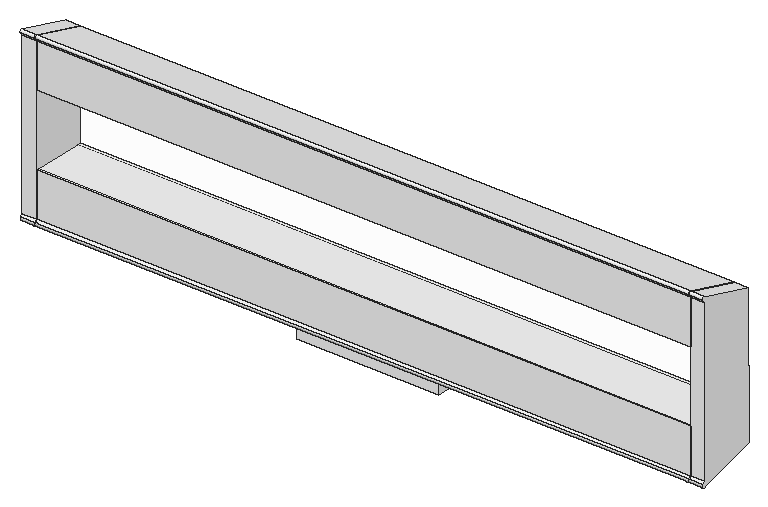
Revit family "SAE101-W", category Lighting Fixtures, host Face, Revit 2021
Family settings
  Host = Face
  Round Connector Dimension = Use Diameter
  Part Type = Normal
  OmniClass Number = 23.80.70.11.14.17
  OmniClass Title = Direct/Indirect
  Cut with Voids When Loaded = No
  Light Source = Yes
  Shared = Yes
  Room Calculation Point = No
Parameters (values of type "SAE101-W-02")
  zz YesNo 1 = yes
  zz Length 2 = 0' - 6"
  Wattage = 4 W
  Warranty = "5-Years Warranty"
  built-in parameter 1150110 = 1 (stored number, unit not read)
  Voltage = 120 V
  Type Comments = "Lighting FIxture"  # constant formula
  built-in parameter 1114217 = 1 (stored number, unit not read)
  Tilt Angle = -90.00°
  built-in parameter 1150109 = 1 (stored number, unit not read)
  built-in parameter 1150134 = (empty or 0)
  built-in parameter 1150113 = 1 (stored number, unit not read)
  Product Page URL = ""
  Product Documentation Link = ""
  Power Factor = 1
  Photometric Web File = "SAE101-W-ID-STD-4-SOF-CX-35K-I050-D040.ies"
  Photometric Notes = "More IES files download on Photometric Web Link"  # constant formula
  zz Length 1 = 2' - 0"
  Wattage Comments = "133 lumens/watt"  # constant formula
  URL = "https://www.currentlighting.com/litecontrol"
  Mounting = "Wall Mount"  # constant formula
  Model = "SAE101-W"  # constant formula
  Manufacturer = "Litecontrol"  # constant formula
  built-in parameter 1150105 = 39.789 (stored number, unit not read)
  Lumens = 500 lm
  built-in parameter 1150115 = 1 (stored number, unit not read)
  Load Classification = Lighting
  built-in parameter 1150137 = (empty or 0)
  built-in parameter 1150139 = (empty or 0)
  built-in parameter 1150112 = 1 (stored number, unit not read)
  built-in parameter 1150114 = 1 (stored number, unit not read)
  Lamp = "LED's"  # constant formula
  built-in parameter 1150132 = (empty or 0)
  built-in parameter 1150102 = (empty or 0)
  built-in parameter 1150107 = 3500 (stored number, unit not read)
  built-in parameter 1150138 = (empty or 0)
  built-in parameter 1150106 = 0.39789 (stored number, unit not read)
  Glass = White Glass
  Fixture Distribution = "Indirect/Direct"  # constant formula
  Emit from Rectangle Width = 0' - 4"  # constant formula
  Emit from Rectangle Length = zz Length 1 - 0' 2"  # 1' - 10"
  Emit Shape Visible in Rendering = no
  built-in parameter 1150104 = 11.613 (stored number, unit not read)
  Downlight Diffuser = "Soft Glow Lens"  # constant formula
  Dimming Lamp Color Temperature Shift = <None>
  Description = "Linear Wall Indirect/Direct"  # constant formula
  Default Elevation = 4' - 0"
  Copyright = "Copyright ©  Litecontrol"  # constant formula
  Contact Us = ""
  Color Filter = 16777215
  Circuiting = "1 Circuit/2 Circuit - Uplight/Downlight"  # constant formula
  built-in parameter 1114218 = 1 (stored number, unit not read)
  Housing Material = Paint - Matte White
  built-in parameter 1150133 = 10 (stored number, unit not read)
  Assembly Code = "D5020200"
  Apparent Load = 0 VA
Types (6): name | zz YesNo 1 | zz Length 2 | zz Length 1 | Emit from Rectangle Length
  (no name) | yes | 0' - 6" | 2' - 0" | 1' - 10"
  SAE101-W-04 | no | 1' - 0" | 4' - 0" | 3' - 10"
  SAE101-W-02 | yes | 0' - 6" | 2' - 0" | 1' - 10"
  SAE101-W-03 | no | 0' - 6" | 3' - 0" | 2' - 10"
  SAE101-W-06 | no | 1' - 0" | 6' - 0" | 5' - 10"
  SAE101-W-08 | no | 1' - 0" | 8' - 0" | 7' - 10"
Reference planes (in)
  plane 1 "Center (Front/Back)": y = 13.01342
  plane 2: z = 0
  plane 3 "Center (Left/Right)": x = 0
Dimensions and locks (in)
  aligned and locked: plane 2 to host face
  aligned and locked: level to host face
  aligned and locked: plane 3 "Center (Left/Right)" to imposter light
  aligned and locked: plane 1 "Center (Front/Back)" to imposter light
  aligned and locked: nested 1 to plane 2
  aligned and locked: imposter light to nested 1
  aligned and locked: plane 3 "Center (Left/Right)" to nested 1
Nested families (in)
  nested 1: "101-W" at (-0.01104, 14.01342, 3.46001) x (1, 0, 0) z (0, -1, 0), Glass <- "Glass", Backbox <- "Housing Material", Length <- "zz Length 1", type "101-W"
    with zz Length 3 0' - 5", Length 2' - 0", Glass White Glass, Backbox Paint - Matte White, zz YesNo 2 yes, zz YesNo 1 no
Connectors (in)
  electrical at (0, 13.05313, 0.77879), driven by "Load Classification", driven by "Voltage", driven by "Apparent Load", driven by "Power Factor"
    settings: on nested 1, index 1, voltage 120 V, apparent load 0 VA, apparent load phase1 0 VA, apparent load phase2 0 VA, apparent load phase3 0 VA, power factor 1, load classification "Lighting", number of poles 1, system type 30, power factor state 1, is connector primary yes, connector utility no, sub classification motor no, connector description "Electrical Connector"
Definition of nested family "101-W"
  Parameters
    zz YesNo 2 = no
    zz YesNo 1 = not(zz YesNo 2)  # yes
    zz Length 3 [instance] = 0' - 5"
    zz Length 2 = 0' - 6"
    Wattage Comments = ""
    URL = ""
    Model = ""
    Manufacturer = ""
    Length [instance] = 4' - 0"
    Lamp = ""
    Glass [instance] = none
    Description = ""
    Default Elevation = 4' - 0"
    Backbox [instance] = none
    Apparent Load = 0 VA
  Reference planes (in)
    plane 1 "Center (Front/Back)": y = 0.03999
    plane 2: z = 0
    plane 3 "Center (Left/Right)": x = 0.01104
    plane 4: z = 2
    plane 5: z = 1.875
    plane 6: x = -23.98896
    plane 7: x = 24.01104
    plane 8: x = -23.48896
    plane 9: x = 23.51104
    plane 10: y = 1.28999
    plane 11: y = -1.21001
    plane 12: z = 0.125
    plane 13: y = -2.96001
    plane 14: y = 3.03999
    plane 15: y = 2.91499
    plane 16: y = -2.83501
    plane 17: y = -3.46001
    plane 18: x = -17.98896
    plane 19: x = -15.48896
    plane 20: x = -20.48896
    plane 21: x = 18.01104
    plane 22: x = 15.51104
    plane 23: x = 20.51104
    plane 24: x = 2.51104
    plane 25: x = -2.48896
  Forms (in)
    Extrusion 1, solid
      sketch origin (0, 0, 0.06357) x (1, 0, 0) y (0, 1, 0)
        loop
          line (-48, 48) -> (-48, -48) -> (48, -48) -> (48, 48) -> (-48, 48)
      from -0.06357 to -12.81105
    Extrusion 2, solid, material <- "Backbox"
      sketch origin (23.51104, -180, 29.46954) x (0, 0, 1) y (0, -1, 0)
        loop
          line (-29.46954, -182.48405) -> (-27.54897, -183.03835)
          arc (-27.54897, -183.03835) -> (-27.47937, -183.01257) -> (-27.48349, -182.93845) r 0.0625
          line (-27.48349, -182.93845) -> (-27.55342, -182.85397) -> (-27.55342, -177.22601) -> (-27.48349, -177.14153)
          arc (-27.48349, -177.14153) -> (-27.47937, -177.06742) -> (-27.54897, -177.04163) r 0.0625
          line (-27.54897, -177.04163) -> (-29.46954, -177.59593) -> (-29.46954, -182.48405)
      from 0 to 0.5
    Extrusion 3, solid, material <- "Backbox"
      sketch origin (-23.48896, -180, 28.85133) x (0, 0, 1) y (0, -1, 0)
        loop
          line (-28.85133, -182.48405) -> (-26.93076, -183.03835)
          arc (-26.93076, -183.03835) -> (-26.86116, -183.01257) -> (-26.86528, -182.93845) r 0.0625
          line (-26.86528, -182.93845) -> (-26.93521, -182.85397) -> (-26.93521, -177.22601) -> (-26.86528, -177.14153)
          arc (-26.86528, -177.14153) -> (-26.86116, -177.06742) -> (-26.93076, -177.04163) r 0.0625
          line (-26.93076, -177.04163) -> (-28.85133, -177.59593) -> (-28.85133, -182.48405)
      from 0 to -0.5
    Extrusion 4, solid, material <- "Glass"
      sketch origin (-23.78896, 8.13374, 2) x (0, -1, 0) y (1, 0, 0)
        loop
          line (6.84375, 0.3) -> (9.34375, 0.3) -> (9.34375, 47.3) -> (6.84375, 47.3) -> (6.84375, 0.3)
      from -0.125 to -1.875
    Extrusion 5, solid, material <- "Backbox"
      sketch origin (0.01104, 0, 0) x (0, 1, 0) y (0, 0, 1)
        loop
          line (2.48405, 0) -> (3.03835, 1.92057)
          arc (3.03835, 1.92057) -> (3.01257, 1.99018) -> (2.93845, 1.98605) r 0.0625
          line (2.93845, 1.98605) -> (2.85397, 1.91613) -> (1.28999, 1.91613) -> (1.28999, 0) -> (2.48405, 0)
        loop
          line (-2.40407, 0) -> (-1.21001, 0) -> (-1.21001, 1.91613) -> (-2.77399, 1.91613) -> (-2.85847, 1.98605)
          arc (-2.85847, 1.98605) -> (-2.93258, 1.99018) -> (-2.95837, 1.92057) r 0.0625
          line (-2.95837, 1.92057) -> (-2.40407, 0)
      from -23.5 to 23.5
    Extrusion 6, solid, material <- "Backbox", visible <- "zz YesNo 1"
      sketch origin (0.01104, 0, 0) x (0, 1, 0) y (0, 0, 1)
        loop
          line (-2.90473, 1.73472) -> (-3.46001, 1.73472) -> (-3.46001, 0.125) -> (-2.44014, 0.125) -> (-2.90473, 1.73472)
      from -20.5 to -15.5
    Extrusion 7, solid, material <- "Backbox", visible <- "zz YesNo 1"
      sketch origin (0.01104, 0, 0) x (0, 1, 0) y (0, 0, -1)
        loop
          line (-2.90473, -1.73472) -> (-2.44014, -0.125) -> (-3.46001, -0.125) -> (-3.46001, -1.73472) -> (-2.90473, -1.73472)
      from -20.5 to -15.5
    Extrusion 8, solid, material <- "Backbox", visible <- "zz YesNo 2"
      sketch origin (-16.89842, 0, 0) x (0, 1, 0) y (0, 0, -1)
        loop
          line (-2.90473, -1.73472) -> (-2.44014, -0.125) -> (-3.46001, -0.125) -> (-3.46001, -1.73472) -> (-2.90473, -1.73472)
      from -19.40946 to -14.40946
  Cuts and joins
    joined: Extrusion 2, Extrusion 3
  Dimensions and locks (in)
    plane 4 to Extrusion 1 = 0' - 2"
    "Length": plane 7 to plane 6
    locked: plane 8 to plane 6 at 0.5
    locked: plane 7 to plane 9 at 0.5
    equal spacing: plane 7, plane 3 "Center (Left/Right)", plane 6
    locked: plane 12 to Extrusion 1 at 0.125
    plane 10 to plane 11 = 0' - 2 1/2"
    equal spacing: plane 10, plane 1 "Center (Front/Back)", plane 11
    locked: plane 14 to plane 15 at 0.125
    locked: plane 16 to plane 13 at 0.125
    plane 13 to plane 14 = 0' - 6"
    plane 13 to plane 1 "Center (Front/Back)" = 0' - 3"
    equal spacing: plane 14, plane 1 "Center (Front/Back)", plane 13
    locked: plane 4 to plane 5 at 0.125
    plane 14 to plane 17 = 0' - 6 1/2"
    equal spacing: plane 20, plane 18, plane 19
    "zz Length 2": plane 6 to plane 18
    equal spacing: plane 23, plane 21, plane 22
    "zz Length 2": plane 21 to plane 7
    plane 25 to plane 24 = 0' - 5"
    "zz Length 3": plane 20 to plane 19
    "zz Length 3": plane 22 to plane 23
    aligned and locked: plane 2 to Extrusion 1
    aligned and locked: plane 7 to cut or joined group of Extrusion 2, Extrusion 3
    aligned and locked: cut or joined group of Extrusion 2, Extrusion 3 to plane 6
    aligned and locked: Extrusion 5 to plane 8
    aligned and locked: plane 9 to Extrusion 5
    aligned and locked: plane 10 to Extrusion 4 sketch curve
    aligned and locked: plane 11 to Extrusion 4 sketch curve
    aligned and locked: Extrusion 3 to Extrusion 4
    aligned and locked: Extrusion 2 to Extrusion 4
    aligned and locked: Extrusion 2 to plane 9
    aligned and locked: plane 5 to Extrusion 4
    aligned and locked: plane 8 to Extrusion 3
    aligned and locked: Extrusion 5 sketch curve to plane 10
    aligned and locked: plane 2 to Extrusion 5 sketch curve
    aligned and locked: Extrusion 5 sketch curve to plane 2
    aligned and locked: plane 11 to Extrusion 5 sketch curve
    aligned and locked: Extrusion 6 to plane 20
    aligned and locked: Extrusion 6 to plane 19
    aligned and locked: Extrusion 7 to plane 22
    aligned and locked: Extrusion 7 to plane 23
    aligned and locked: Extrusion 8 to plane 25
    aligned and locked: Extrusion 8 to plane 24
  Automatic sketch dimensions
    Extrusion 1 sketch curve to Extrusion 1 sketch curve = 8' - 0"  (x2)
    Extrusion 2 sketch curve to level = 0' - 0"
    plane 5 to Extrusion 2 sketch curve = 0' - 0.04113"
    Extrusion 2 sketch curve to plane 14 = 0' - 0.00164"
    plane 5 to Extrusion 2 sketch curve = 0' - 0.04557"  (x2)
    Extrusion 2 sketch curve to plane 13 = 0' - 0.00164"
    Extrusion 2 sketch curve to plane 4 = 0' - 0.0621"  (x2)
    Extrusion 2 sketch curve to plane 4 = 0' - 0.01395"  (x2)
    Extrusion 2 sketch curve to plane 14 = 0' - 0.06169"
    plane 15 to Extrusion 2 sketch curve = 0' - 0.06102"
    plane 15 to Extrusion 2 sketch curve = 0' - 0.43094"
    plane 16 to Extrusion 2 sketch curve = 0' - 0.43094"
    plane 16 to Extrusion 2 sketch curve = 0' - 0.06102"
    Extrusion 2 sketch curve to plane 16 = 0' - 0.02346"
    Extrusion 3 sketch curve to level = 0' - 0"
    plane 5 to Extrusion 3 sketch curve = 0' - 0.04113"
    Extrusion 3 sketch curve to plane 14 = 0' - 0.00164"
    plane 5 to Extrusion 3 sketch curve = 0' - 0.04557"  (x2)
    Extrusion 3 sketch curve to plane 13 = 0' - 0.00164"
    Extrusion 3 sketch curve to plane 4 = 0' - 0.0621"  (x2)
    Extrusion 3 sketch curve to plane 4 = 0' - 0.01395"  (x2)
    Extrusion 3 sketch curve to plane 14 = 0' - 0.06169"
    plane 15 to Extrusion 3 sketch curve = 0' - 0.06102"
    plane 15 to Extrusion 3 sketch curve = 0' - 0.43094"
    plane 16 to Extrusion 3 sketch curve = 0' - 0.43094"
    plane 16 to Extrusion 3 sketch curve = 0' - 0.06102"
    Extrusion 3 sketch curve to plane 16 = 0' - 0.02346"
    Extrusion 4 sketch curve to plane 8 = 0' - 0"
    Extrusion 4 sketch curve to plane 9 = 0' - 0"
    plane 16 to Extrusion 5 sketch curve = 0' - 0.43094"
    plane 16 to Extrusion 5 sketch curve = 0' - 0.06102"
    Extrusion 5 sketch curve to plane 16 = 0' - 0.02346"
    Extrusion 5 sketch curve to plane 13 = 0' - 0.06169"
    Extrusion 5 sketch curve to plane 13 = 0' - 0.00164"
    plane 15 to Extrusion 5 sketch curve = 0' - 0.43094"
    plane 15 to Extrusion 5 sketch curve = 0' - 0.06102"
    Extrusion 5 sketch curve to plane 15 = 0' - 0.02346"
    Extrusion 5 sketch curve to plane 14 = 0' - 0.06169"
    Extrusion 5 sketch curve to plane 14 = 0' - 0.00164"
    plane 5 to Extrusion 5 sketch curve = 0' - 0.04113"  (x2)
    plane 5 to Extrusion 5 sketch curve = 0' - 0.04557"  (x2)
    Extrusion 5 sketch curve to plane 4 = 0' - 0.0621"  (x2)
    Extrusion 6 sketch curve to plane 17 = 0' - 0"
    Extrusion 6 sketch curve to plane 12 = 0' - 0"
    Extrusion 6 sketch curve to plane 13 = 0' - 0.05528"
    plane 16 to Extrusion 6 sketch curve = 0' - 0.39487"
    Extrusion 6 sketch curve to plane 5 = 0' - 0.14028"
    Extrusion 7 sketch curve to plane 17 = 0' - 0"
    Extrusion 7 sketch curve to plane 12 = 0' - 0"
    Extrusion 7 sketch curve to plane 13 = 0' - 0.05528"
    plane 16 to Extrusion 7 sketch curve = 0' - 0.39487"
    Extrusion 7 sketch curve to plane 5 = 0' - 0.14028"
    Extrusion 8 sketch curve to plane 17 = 0' - 0"
    Extrusion 8 sketch curve to plane 12 = 0' - 0"
    Extrusion 8 sketch curve to plane 13 = 0' - 0.05528"
    plane 16 to Extrusion 8 sketch curve = 0' - 0.39487"
    Extrusion 8 sketch curve to plane 5 = 0' - 0.14028"
